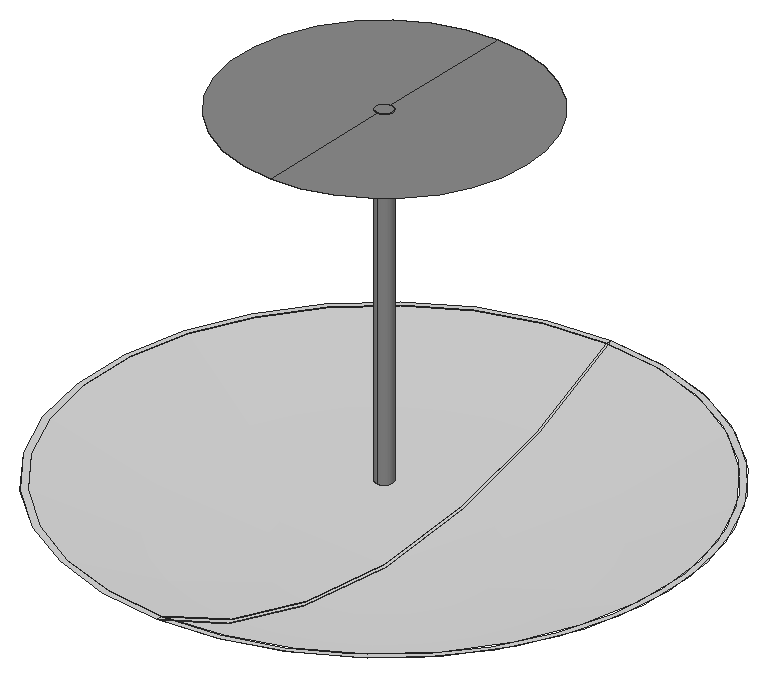
Revit family "Iluminação do pendente - Reflexiva", category Luminárias, Revit 2019
Family settings
  Hospedeiro = Forro
  Cota do conector redondo = Utilizar diâmetro
  Tipo de parte = Normal
  Número OmniClass = 23.80.70.11
  Título OmniClass = Luminaries for Internal Lighting
  Sempre na vertical = Sim
  Corte com vazios quando carregada = Não
  Fonte luminosa = Sim
  Compartilhado = Não
  Ponto de cálculo do ambiente = Não
Parameters
  Wattage = 60 W
  built-in parameter 1150110 = 1 (stored number, unit not read)
  built-in parameter 1114217 = 1 (stored number, unit not read)
  built-in parameter 1150109 = 1 (stored number, unit not read)
  built-in parameter 1150134 = (empty or 0)
  built-in parameter 1150113 = 1 (stored number, unit not read)
  Raio = 180.00 mm
  Lumens = 4800 lm
  built-in parameter 1150115 = 1 (stored number, unit not read)
  built-in parameter 1150105 = 381.97 (stored number, unit not read)
  Light Source Symbol Size = 50.00 mm
  built-in parameter 1150137 = (empty or 0)
  built-in parameter 1150139 = (empty or 0)
  Material da luminária = Metal - Acabamento pintado - Cinza escuro, fosco
  built-in parameter 1150112 = 1 (stored number, unit not read)
  built-in parameter 1150114 = 1 (stored number, unit not read)
  built-in parameter 1150132 = (empty or 0)
  built-in parameter 1150102 = (empty or 0)
  built-in parameter 1150138 = (empty or 0)
  built-in parameter 1150107 = 3000 (stored number, unit not read)
  built-in parameter 1150106 = 3.8197 (stored number, unit not read)
  Altura = 260.00 mm
  Emit from Circle Diameter = 50.00 mm
  Emitir forma visível na renderização = no
  built-in parameter 1150104 = 7.4322 (stored number, unit not read)
  Troca de temperatura da cor de lâmpada com esmaecimento = <Nenhum>
  D1 = 50.00 mm
  Color Filter = 16777215
  built-in parameter 1114218 = 1 (stored number, unit not read)
  built-in parameter 1150133 = 10 (stored number, unit not read)
Reference planes
  plane 1 "Eixo de origem da luz (F/T)": y = 0
  plane 2 "Forro": z = 2438.4
  plane 3 "Eixo de origem da luz (E/D)": x = 0
  plane 4 "Elevação da origem da luz": z = 2208.4
  plane 5: z = 2418.4
  plane 6: z = 2178.4
  plane 7: z = 2228.4
  plane 8: y = -180
  plane 9: z = 2180.4
Forms (mm)
  Revolve 1, solid, material "Metal - Acabamento pintado - Cinza escuro, fosco" <- "Material da luminária"
    sketch origin (0, 0, 0) x (0, 1, 0) y (0, 0, 1)
      loop
        line (0, 2438.4) -> (-90, 2438.4)
        arc (-90, 2438.4) -> (-46.122, 2423.351) -> (0, 2418.4) r 208.011
        line (0, 2418.4) -> (0, 2438.4)
      axis (0, 2438.4) -> (0, 2418.4)
    angle from 0 to 360
  Revolve 2, solid, material "Pano, Sombra da lâmpada"
    sketch origin (0, 120, 0) x (0, 1, 0) y (0, 0, 1)
      loop
        arc (-120, 2180.4) -> (-211.124, 2193.004) -> (-296.034, 2228.4) r 358.201
        line (-296.034, 2228.4) -> (-300, 2228.4)
        arc (-300, 2228.4) -> (-213.298, 2191.527) -> (-120, 2178.4) r 360.201
        line (-120, 2178.4) -> (-120, 2180.4)
      axis (-120, 2178.4) -> (-120, 2228.4)
    angle from 0 to 360
  Extrusion 3, solid, material "Metal - Acabamento pintado - Cinza escuro, fosco" <- "Material da luminária"
    sketch origin (0, 0, 2208.4) x (0, -1, 0) y (1, 0, 0)
      loop
        circle (0, 0) r 5
    from 20 to 230
Dimensions and locks
  equal spacing: host sketch curve, plane 3 "Eixo de origem da luz (E/D)", host sketch curve
  equal spacing: host sketch curve, plane 1 "Eixo de origem da luz (F/T)", host sketch curve
  host sketch curve to host sketch curve = 3048.00 mm  (x2)
  locked: plane 2 "Forro" to plane 5 at 20
  "D1": plane 7 to plane 6
  "Raio": plane 1 "Eixo de origem da luz (F/T)" to plane 8
  locked: plane 7 to plane 4 "Elevação da origem da luz" at 20
  "Altura": plane 2 "Forro" to plane 6
  locked: plane 9 to plane 6 at 2
  aligned and locked: plane 3 "Eixo de origem da luz (E/D)" to imposter light
  aligned and locked: plane 1 "Eixo de origem da luz (F/T)" to imposter light
  aligned and locked: plane 4 "Elevação da origem da luz" to imposter light
  aligned and locked: plane 2 "Forro" to Extrusion 3
  aligned and locked: Revolve 2 to plane 7
  aligned and locked: Revolve 1 to plane 2 "Forro"
  aligned and locked: Extrusion 3 to plane 7
Automatic sketch dimensions
  plane 1 "Eixo de origem da luz (F/T)" to Extrusion 3 sketch curve = 0.00 mm
  Extrusion 3 sketch curve to plane 3 "Eixo de origem da luz (E/D)" = 0.00 mm
  Revolve 2 sketch curve to plane 7 = 0.00 mm
  Revolve 2 sketch curve to plane 8 = 0.00 mm
  Revolve 2 sketch curve to plane 1 "Eixo de origem da luz (F/T)" = 0.00 mm  (x2)
  Revolve 2 sketch curve to plane 6 = 0.00 mm
  Revolve 2 sketch curve to plane 1 "Eixo de origem da luz (F/T)" = 3.108 mm
  Revolve 2 sketch curve to plane 6 = 7.995 mm
  Revolve 2 sketch curve to Revolve 2 sketch curve = 104.608 mm
  Revolve 1 sketch curve to plane 2 "Forro" = 0.00 mm
  Revolve 1 sketch curve to plane 1 "Eixo de origem da luz (F/T)" = 0.00 mm  (x2)
  Revolve 1 sketch curve to plane 5 = 0.00 mm
  plane 1 "Eixo de origem da luz (F/T)" to Revolve 1 sketch curve = 0.998 mm
  Revolve 1 sketch curve to Revolve 1 sketch curve = 40.00 mm
  plane 2 "Forro" to Revolve 1 sketch curve = 65.00 mm
  plane 1 "Eixo de origem da luz (F/T)" to Revolve 1 sketch curve = 90.00 mm
  Revolve 2 sketch curve to Revolve 2 sketch curve = 0.00 mm  (x2)
  plane 8 to Revolve 2 sketch curve = 3.966 mm
  radius of Extrusion 3 sketch curve = 5.00 mm
